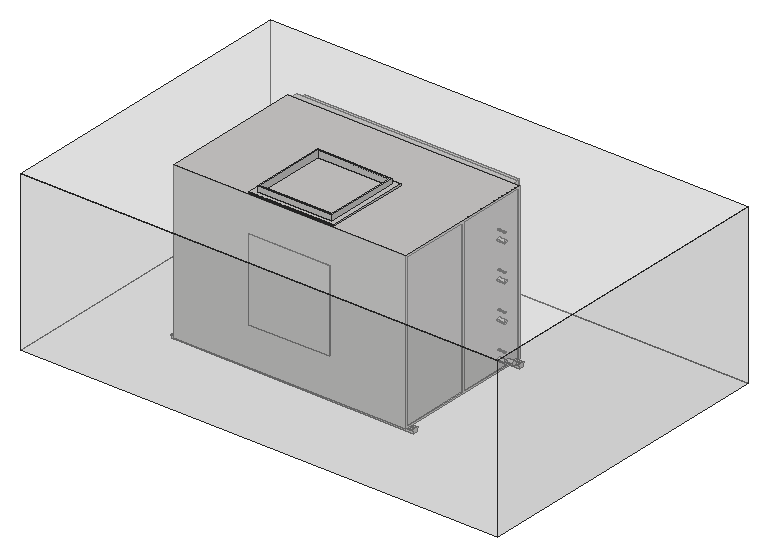
Revit family "outputfile", category 機械設備, Revit 2024
Family settings
  丸型コネクタ寸法 = 半径を使用
  パーツ タイプ = 標準
  OmniClass 番号 = 23.75.10.24.21.27.27
  OmniClass タイトル = Split System Air Conditioning Units
  作業面ベース = いいえ
  常に垂直 = はい
  ロード時にボイドで切り取り = いいえ
  注釈の向きを維持 = いいえ
  共有 = いいえ
  部屋計算ポイント = はい
Parameters (values of type "FBVN400H4BY1C")
  Description = ""
  書き出し IFC クラス(タイプ) = "IfcUnitaryEquipmentType"
  定義済み IFC タイプ(タイプ) = "AIRCONDITIONINGUNIT"
  Cost = 0
  Type Comments = ""
  Keynote = ""
  Type Image = (empty or 0)
  Assembly Code = ""
  switch_frequency = yes
  lw_power = 1050 mm
  lw_frontpanel = 754 mm
  lw_box_front = lw_box + 18 mm  # 115 mm
  lw_box = 97 mm
  lw_RA = 1057 mm
  lh_liquidpipe_4 = 211.5 mm
  lh_liquidpipe_3 = 547.5 mm
  lh_liquidpipe_2 = 883.5 mm
  lh_height_SA = 698 mm
  lh_ld_mountinghole_height = 35 mm
  lh_height_RA = 1326 mm
  lh_hangerfixture = 35 mm
  lh_gaspipe_4 = 131.5 mm
  lh_gaspipe_3 = 467.5 mm
  lh_gaspipe_2 = 803.5 mm
  lh_frontpanel_bottom = if(Width = 1766 mm, 444 mm, if(Width = 2022 mm, 479 mm, 402 mm))  # 402 mm
  lh_frontpanel = if(Width = 1766 mm, 542 mm, if(Width = 2022 mm, 542 mm, 758 mm))  # 758 mm
  lh_circlevoid = 135.5 mm
  lh_box_top = 95 mm
  lh_box = 351 mm
  lh_SA = 1546 mm
  lh_RA = 788 mm
  ld_void = 658 mm
  ld_frontpanel = 10 mm
  ld_depth_SA = 409 mm
  ld_depth_RA = 130 mm
  ld_circlevoid = 294.5 mm
  ld_box_left = 114 mm
  ld_box = 490 mm
  connector_voltage = 0 V
  connector_powerinput = [Power Input (Cooling)]  # 39.330 kW
  connector_phase = 1
  製造元 = "Daikin"
  モデル = "FBVN400H4BY1C"
  w_pipe = 33 mm
  r_Liquid Pipe Size = Liquid Pipe Size / 2  # 6.35 mm
  r_Gas Pipe Size = Gas Pipe Size / 2  # 12.7 mm
  r_Drain Pipe Size = Drain Pipe Size / 2  # 17.0 mm
  lw_powersupply = lw_power  # 1050 mm
  lw_width_RA = 2004 mm
  lw_width_SA = 694 mm
  lh_suctionflange [instance] = 100 mm
  ld_suctionflange [instance] = 190 mm
  ld_powersupply = 200 mm
  angle_vertical_RA [instance] = 90.00°
  angle horizontal_RA [instance] = 180.00°
  Voltage_comment_50Hz = "380 - 415"
  Voltage_50Hz = 400 V
  URL = ""
  Sound Power Level_H speed (dB) = 0
  Phase_50Hz = 3
  Minimum External Static Pressure = 0.00 Pa
  Minimum Circuit Amps_50Hz = 0.0 A
  Maximum Fuse Amps_50Hz = 0.0 A
  Maximum External Static Pressure = 250.00 Pa
  Material_Casing = DAIKIN_GalvanizedSteel_Casing_indoorunit
  lw_liquidpipe = 1137 mm
  lw_gaspipe = 1137 mm
  lw_mountinghole_pitch = 2234 mm
  lw_mountinghole = 2274 mm
  lw_drainpipe = 1137 mm
  lh_powersupply = 1040 mm
  lh_liquidpipe = 1219.5 mm
  lh_gaspipe = 1139.5 mm
  lh_mountinghole = 5 mm
  lh_drainpipe = 73 mm
  lh_antena = Height - 4 mm  # 1482 mm
  ld_liquidpipe = 436 mm
  ld_gaspipe = 436 mm
  ld_mountinghole_pitch = 1240 mm
  ld_drainpipe = 539 mm
  ld_controlbox = 626 mm
  h*** = 0 mm  # constant formula
  d_dischargeflange = 60 mm
  Width = 2174 mm
  Version = "ver.1.0"
  Unit Type = "Duct"
  Unit Mass Weight = 488.00 kg
  Unit Designation [instance] = ""
  Uniclass2015Version = "Products v1.30"
  Uniclass2015Title = "Split coil room air conditioning units"
  Uniclass2015Code = "Pr_70_65_03_86"
  Total Cooling Capacity [instance] = 0.000 kW
  Sound Pressure Level_M speed (dBA) = 0
  Sound Pressure Level_L speed (dBA) = 0
  Sound Pressure Level_H speed (dBA) = 66
  Series = "Package Aircon_Fan Coil Unit"
  Sensible Cooling Capacity [instance] = 0.000 kW
  SA Duct Size Width = 694 mm
  SA Duct Size Height = 698 mm
  Refrigerant Type = "R410A"
  RA Duct Size Width = 2004 mm
  RA Duct Size Height = 1326 mm
  Power Input (Cooling) = 39.330 kW
  Option Accessory 3 [instance] = ""
  Option Accessory 2 [instance] = ""
  Option Accessory 1 [instance] = ""
  Nominal Cooling Capacity = 117.200 kW
  Minimum Airflow = 0.00 m³/h
  Median Airflow = 0.00 m³/h
  Maximum Airflow = 20388.00 m³/h
  Load Classification = HVAC
  Liquid Pipe Size = 12.7 mm
  Link_Nested Family [instance] = ""
  IfcVersion = ""
  IfcExportType = "AIRCONDITIONINGUNIT"
  IfcExportAs = "IfcUnitaryEquipmentType"
  Height = 1486 mm
  Heat Exchanger Type = "Cross Fin Coil"
  Gas Pipe Size = 25.4 mm
  Frequency_50Hz = 50 Hz
  Fan Type = "Sirocco Fan"
  Fan Drive = "-"
  FCU Tag No. [instance] = ""
  Drain Pipe Size = 34.0 mm
  Design Supply Airflow [instance] = 0.00 m³/h
  Design Return Airflow [instance] = 0.00 m³/h
  Design External Static Pressure [instance] = 0.00 Pa
  Depth = 1336 mm
  既定の高さ = 0 mm
  Cooling Entering Wet Bulb Temperature [instance] = 0.00 °C
  Cooling Entering Dry Bulb Temperature [instance] = 0.00 °C
  Cooling Ambient Wet Bulb Temperature [instance] = 0.00 °C
  Cooling Ambient Dry Bulb Temperature [instance] = 0.00 °C
  Clearance visibility [instance] = yes
  Clearance Top = 0 mm
  Clearance Right = 1500 mm
  Clearance Rear = 800 mm
  Clearance Left = 800 mm
  Clearance Front = 800 mm
  Clearance Bottom = 0 mm
Reference planes
  plane 1 "Center (Front/Back)": y = 0
  plane 2: z = 0
  plane 3 "Center (Left/Right)": x = 0
  plane 4 "Back": y = 668
  plane 5 "Front": y = -668
  plane 6 "Left": x = -1087
  plane 7 "Right": x = 1087
  plane 8 "Top": z = 0
  plane 9 "Bottom": z = -1486
  plane 10: z = -266.5
  plane 11: z = -346.5
  plane 12: x = -1117
  plane 13: x = 1117
  plane 14: x = 1137
  plane 15: x = 1137
  plane 16: z = -1481
  plane 17 "Clearance Left": x = -1887
  plane 18 "Clearance Right": x = 2587
  plane 19 "Clearance Rear": y = 1468
  plane 20 "Clearance Front": y = -1468
  plane 21 "Clearance Bottom": z = -1486
  plane 22: z = -1413
  plane 23 "ld_gas": y = 436
  plane 24: y = 436
  plane 25: y = -30
  plane 26: y = 539
  plane 27: y = 478
  plane 28: x = 1137
  plane 29: y = 620
  plane 30: y = -620
  plane 31: y = -259
  plane 32: y = 798
  plane 33 "Clearance Top": z = 0
  plane 34: z = -446
  plane 35: y = -200
  plane 36 "hangerfixture": z = -1451
  plane 37 "lh_SA": z = 60
  plane 38 "lh_RA": z = -698
  plane 39 "RA_center": x = -30
  plane 40: y = -658
  plane 41: y = 0
  plane 42: y = 658
  plane 43: z = -10
  plane 44: z = -1441
  plane 45: y = 10
  plane 46: y = -658
  plane 47: y = 0
  plane 48: y = 658
  plane 49: z = -10
  plane 50: z = -1441
  plane 51: y = 10
  plane 52 "box_bottom": z = -446
  plane 53 "box_top": z = -95
  plane 54: x = -377
  plane 55: x = 377
  plane 56: y = -678
  plane 57: y = -658
  plane 58 "lw_power": x = 1050
  plane 59: z = -602.5
  plane 60: z = -682.5
  plane 61: z = -938.5
  plane 62: z = -1018.5
  plane 63: x = 1067
  plane 64: x = -1067
  plane 65: z = -1084
  plane 66: z = -326
  plane 67: z = -1274.5
  plane 68: z = -1354.5
Forms (mm)
  Extrusion 1, solid, material "DAIKIN_GalvanizedSteel_Casing_indoorunit" <- "Material_Casing"
    sketch origin (0, -0.8, 0) x (1, 0, 0) y (0, 1, 0)
      loop
        line (-1087, -667.2) -> (1087, -667.2) -> (1087, 668.8) -> (-1087, 668.8) -> (-1087, -667.2)
    from -1451 to 0
  Revolve 2, solid, material "DAIKIN_GalvanizedSteel_Casing_indoorunit" <- "Material_Casing"
    sketch origin (0, 0, -346.5) x (0, -1, 0) y (1, 0, 0)
      loop
        line (-423.3, 1067) -> (-423.3, 1137) -> (-436, 1137) -> (-436, 1067) -> (-423.3, 1067)
      axis (-436, 1067) -> (-436, 1137)
    angle from 0 to 360
  Revolve 3, solid, material "DAIKIN_GalvanizedSteel_Casing_indoorunit" <- "Material_Casing"
    sketch origin (0, 0, -266.5) x (0, -1, 0) y (1, 0, 0)
      loop
        line (-436, 1067) -> (-436, 1137) -> (-442.35, 1137) -> (-442.35, 1067) -> (-436, 1067)
      axis (-436, 1137) -> (-436, 1067)
    angle from 0 to 360
  Extrusion 4, solid, material "DAIKIN_GalvanizedSteel_Casing_indoorunit" <- "Material_Casing"
    sketch origin (0, 0, 0) x (0, 1, 0) y (0, 0, 1)
      loop
        circle (539, -1413) r 17
    from 1137 to 1067
  Extrusion 5, void
    sketch origin (1087, 0, 0) x (0, 1, 0) y (0, 0, 1)
      loop
        line (-658, -10) -> (-658, -1441) -> (0, -1441) -> (0, -10) -> (-658, -10)
      loop
        line (658, -10) -> (10, -10) -> (10, -1441) -> (658, -1441) -> (658, -10)
    from 0 to -20
  Extrusion 6, void
    sketch origin (-1087, 0, 0) x (0, 1, 0) y (0, 0, 1)
      loop
        line (-658, -10) -> (-658, -1441) -> (0, -1441) -> (0, -10) -> (-658, -10)
      loop
        line (658, -10) -> (10, -10) -> (10, -1441) -> (658, -1441) -> (658, -10)
    from 0 to 20
  Extrusion 7, solid, material "DAIKIN_GalvanizedSteel_Casing_indoorunit" <- "Material_Casing"
    sketch origin (0, 0, -1486) x (-1, 0, 0) y (0, -1, 0)
      loop
        line (377, 658) -> (377, 678) -> (-377, 678) -> (-377, 658) -> (377, 658)
    from 402 to 1160
  Revolve 8, solid, material "DAIKIN_GalvanizedSteel_Casing_indoorunit" <- "Material_Casing"
    sketch origin (0, 0, -682.5) x (0, -1, 0) y (1, 0, 0)
      loop
        line (-423.3, 1067) -> (-423.3, 1137) -> (-436, 1137) -> (-436, 1067) -> (-423.3, 1067)
      axis (-436, 1067) -> (-436, 1137)
    angle from 0 to 360
  Revolve 9, solid, material "DAIKIN_GalvanizedSteel_Casing_indoorunit" <- "Material_Casing"
    sketch origin (0, 0, -602.5) x (0, -1, 0) y (1, 0, 0)
      loop
        line (-436, 1067) -> (-436, 1137) -> (-442.35, 1137) -> (-442.35, 1067) -> (-436, 1067)
      axis (-436, 1137) -> (-436, 1067)
    angle from 0 to 360
  Revolve 10, solid, material "DAIKIN_GalvanizedSteel_Casing_indoorunit" <- "Material_Casing"
    sketch origin (0, 0, -1018.5) x (0, -1, 0) y (1, 0, 0)
      loop
        line (-423.3, 1067) -> (-423.3, 1137) -> (-436, 1137) -> (-436, 1067) -> (-423.3, 1067)
      axis (-436, 1067) -> (-436, 1137)
    angle from 0 to 360
  Revolve 11, solid, material "DAIKIN_GalvanizedSteel_Casing_indoorunit" <- "Material_Casing"
    sketch origin (0, 0, -938.5) x (0, -1, 0) y (1, 0, 0)
      loop
        line (-436, 1067) -> (-436, 1137) -> (-442.35, 1137) -> (-442.35, 1067) -> (-436, 1067)
      axis (-436, 1137) -> (-436, 1067)
    angle from 0 to 360
  Revolve 12, solid, material "DAIKIN_GalvanizedSteel_Casing_indoorunit" <- "Material_Casing"
    sketch origin (0, 0, -1354.5) x (0, -1, 0) y (1, 0, 0)
      loop
        line (-423.3, 1067) -> (-423.3, 1137) -> (-436, 1137) -> (-436, 1067) -> (-423.3, 1067)
      axis (-436, 1067) -> (-436, 1137)
    angle from 0 to 360
  Revolve 13, solid, material "DAIKIN_GalvanizedSteel_Casing_indoorunit" <- "Material_Casing"
    sketch origin (0, 0, -1274.5) x (0, -1, 0) y (1, 0, 0)
      loop
        line (-436, 1067) -> (-436, 1137) -> (-442.35, 1137) -> (-442.35, 1067) -> (-436, 1067)
      axis (-436, 1137) -> (-436, 1067)
    angle from 0 to 360
Cuts and joins
  Extrusion 5, Extrusion 6 cuts Extrusion 1
  Extrusion 6 cuts Revolve 2
  Extrusion 6 cuts Revolve 3
  Extrusion 6 cuts Extrusion 4
Dimensions and locks
  equal spacing: plane 12, plane 3 "Center (Left/Right)", plane 13
  "lw_mountinghole_pitch": plane 12 to plane 13
  "lh_liquidpipe": plane 10 to plane 9 "Bottom"
  "lh_gaspipe": plane 11 to plane 9 "Bottom"
  equal spacing: plane 6 "Left", plane 3 "Center (Left/Right)", plane 7 "Right"
  "Width": plane 6 "Left" to plane 7 "Right"
  "Clearance Right": plane 7 "Right" to plane 18 "Clearance Right"
  "Clearance Left": plane 17 "Clearance Left" to plane 6 "Left"
  "Clearance Rear": plane 19 "Clearance Rear" to plane 4 "Back"
  "Clearance Front": plane 5 "Front" to plane 20 "Clearance Front"
  "Depth": plane 4 "Back" to plane 5 "Front"
  equal spacing: plane 4 "Back", plane 1 "Center (Front/Back)", plane 5 "Front"
  "ld_suctionflange": plane 4 "Back" to plane 27
  "r_Liquid Pipe Size": nested 5 to Revolve 3 sketch curve
  equal spacing: plane 29, plane 1 "Center (Front/Back)", plane 30
  "ld_mountinghole_pitch": plane 29 to plane 30
  "lw_liquidpipe": plane 3 "Center (Left/Right)" to plane 14
  "lw_gaspipe": plane 3 "Center (Left/Right)" to plane 15
  "lw_drainpipe": plane 3 "Center (Left/Right)" to plane 28
  "lh_drainpipe": plane 22 to plane 9 "Bottom"
  "Clearance Top": plane 33 "Clearance Top" to plane 8 "Top"
  "Clearance Bottom": plane 9 "Bottom" to plane 21 "Clearance Bottom"
  "lh_powersupply": plane 34 to plane 9 "Bottom"
  plane 8 "Top" to level = 0 mm
  "lh_hangerfixture": plane 36 "hangerfixture" to plane 9 "Bottom"
  "lh_SA": plane 37 "lh_SA" to plane 9 "Bottom"
  "ld_depth_RA": plane 32 to plane 4 "Back"
  "lh_RA": plane 38 "lh_RA" to plane 9 "Bottom"
  "lw_RA": plane 6 "Left" to plane 39 "RA_center"
  locked: plane 36 "hangerfixture" to plane 44 at 10
  plane 5 "Front" to plane 40 = 10 mm
  locked: plane 8 "Top" to plane 43 at 10
  plane 42 to plane 4 "Back" = 10 mm
  "ld_void": plane 40 to plane 41
  "ld_void": plane 46 to plane 47
  plane 5 "Front" to plane 46 = 10 mm
  plane 48 to plane 4 "Back" = 10 mm
  locked: plane 8 "Top" to plane 49 at 10
  locked: plane 50 to plane 36 "hangerfixture" at 10
  "lh_box_top": plane 8 "Top" to plane 53 "box_top"
  "lh_box": plane 53 "box_top" to plane 52 "box_bottom"
  equal spacing: plane 54, plane 3 "Center (Left/Right)", plane 55
  "lw_power": plane 3 "Center (Left/Right)" to plane 58 "lw_power"
  "lh_gaspipe_2": plane 60 to plane 9 "Bottom"
  "lh_liquidpipe_2": plane 59 to plane 9 "Bottom"
  "ld_powersupply": plane 35 to plane 1 "Center (Front/Back)"
  "ld_drainpipe": plane 26 to plane 1 "Center (Front/Back)"
  "ld_gaspipe": plane 23 "ld_gas" to plane 1 "Center (Front/Back)"
  "r_Gas Pipe Size": plane 23 "ld_gas" to Revolve 8 sketch curve
  "r_Gas Pipe Size": plane 23 "ld_gas" to Revolve 2 sketch curve
  "r_Liquid Pipe Size": Revolve 9 sketch curve to plane 24
  "ld_liquidpipe": plane 24 to plane 1 "Center (Front/Back)"
  "ld_depth_SA": plane 31 to plane 5 "Front"
  "Height": plane 8 "Top" to plane 9 "Bottom"
  "lh_mountinghole": plane 16 to plane 9 "Bottom"
  "lh_gaspipe_3": plane 62 to plane 9 "Bottom"
  "lh_liquidpipe_3": plane 61 to plane 9 "Bottom"
  locked: plane 63 to plane 7 "Right" at 20
  locked: plane 6 "Left" to plane 64 at 20
  "lh_frontpanel_bottom": plane 65 to plane 9 "Bottom"
  "lh_frontpanel": plane 66 to plane 65
  "r_Gas Pipe Size": plane 24 to Revolve 10 sketch curve
  "r_Liquid Pipe Size": Revolve 11 sketch curve to plane 24
  "lw_frontpanel": plane 54 to plane 55
  locked: plane 57 to plane 5 "Front" at 10
  "ld_frontpanel": plane 5 "Front" to plane 56
  locked: plane 41 to plane 45 at 10
  locked: plane 47 to plane 51 at 10
  "lh_liquidpipe_4": plane 67 to plane 9 "Bottom"
  "lh_gaspipe_4": plane 68 to plane 9 "Bottom"
  "r_Liquid Pipe Size": plane 24 to Revolve 13 sketch curve
  "r_Gas Pipe Size": plane 24 to Revolve 12 sketch curve
  "r_Drain Pipe Size": radius of Extrusion 4 sketch curve
  aligned and locked: level to plane 2
  aligned and locked: plane 8 "Top" to Extrusion 1
  aligned and locked: Revolve 2 sketch curve to Revolve 2 sketch curve
  aligned and locked: plane 14 to nested 5
  aligned and locked: nested 5 to plane 10
  aligned and locked: nested 2 to plane 13
  aligned and locked: nested 3 to plane 12
  aligned and locked: plane 12 to nested 4
  aligned and locked: nested 6 to plane 11
  aligned and locked: plane 23 "ld_gas" to nested 6
  aligned and locked: plane 24 to nested 5
  aligned and locked: Extrusion 4 sketch curve to plane 26
  aligned and locked: nested 10 to plane 19 "Clearance Rear"
  aligned and locked: nested 10 to plane 18 "Clearance Right"
  aligned and locked: nested 10 to plane 17 "Clearance Left"
  aligned and locked: nested 10 to plane 20 "Clearance Front"
  aligned and locked: plane 28 to Extrusion 4
  aligned and locked: plane 15 to nested 6  (x2)
  aligned and locked: plane 13 to nested 1
  aligned and locked: plane 26 to nested 7
  aligned and locked: nested 7 to plane 22
  aligned and locked: nested 7 to plane 28
  aligned and locked: plane 29 to nested 1
  aligned and locked: plane 30 to nested 2
  aligned and locked: nested 4 to plane 29
  aligned and locked: nested 3 to plane 30
  aligned and locked: nested 9 to plane 4 "Back"
  aligned and locked: plane 32 to nested 13
  aligned and locked: plane 3 "Center (Left/Right)" to nested 12
  aligned and locked: nested 10 to plane 33 "Clearance Top"
  aligned and locked: nested 10 to plane 21 "Clearance Bottom"
  aligned and locked: nested 11 to plane 9 "Bottom"
  aligned and locked: plane 36 "hangerfixture" to Extrusion 1
  aligned and locked: Extrusion 1 to plane 5 "Front"
  aligned and locked: Extrusion 1 to plane 4 "Back"
  aligned and locked: plane 38 "lh_RA" to nested 9
  aligned and locked: nested 13 to plane 38 "lh_RA"
  aligned and locked: plane 39 "RA_center" to nested 9
  aligned and locked: nested 13 to plane 39 "RA_center"
  aligned and locked: Extrusion 5 sketch curve to plane 43
  aligned and locked: Extrusion 5 sketch curve to plane 40
  aligned and locked: plane 44 to Extrusion 5 sketch curve
  aligned and locked: Extrusion 5 sketch curve to plane 41
  aligned and locked: plane 43 to Extrusion 5 sketch curve
  aligned and locked: Extrusion 5 sketch curve to plane 42
  aligned and locked: Extrusion 5 sketch curve to plane 44
  aligned and locked: Extrusion 5 sketch curve to plane 45
  aligned and locked: Extrusion 6 sketch curve to plane 49
  aligned and locked: Extrusion 6 sketch curve to plane 46
  aligned and locked: plane 50 to Extrusion 6 sketch curve
  aligned and locked: Extrusion 6 sketch curve to plane 47
  aligned and locked: plane 49 to Extrusion 6 sketch curve
  aligned and locked: Extrusion 6 sketch curve to plane 48
  aligned and locked: Extrusion 6 sketch curve to plane 50
  aligned and locked: Extrusion 6 sketch curve to plane 51
  aligned and locked: Extrusion 7 sketch curve to plane 57
  aligned and locked: Extrusion 7 sketch curve to plane 54
  aligned and locked: plane 56 to Extrusion 7 sketch curve
  aligned and locked: plane 55 to Extrusion 7 sketch curve
  aligned and locked: Revolve 8 sketch curve to Revolve 8 sketch curve
  aligned and locked: nested 15 to plane 59
  aligned and locked: nested 16 to plane 60
  aligned and locked: plane 14 to Revolve 9
  aligned and locked: nested 15 to plane 14
  aligned and locked: plane 15 to cut or joined group of Revolve 2, Extrusion 6  (x3)
  aligned and locked: cut or joined group of Revolve 2, Extrusion 6 to plane 15
  aligned and locked: nested 14 to plane 35
  aligned and locked: Revolve 2 sketch curve to plane 23 "ld_gas"
  aligned and locked: plane 23 "ld_gas" to nested 16
  aligned and locked: plane 24 to nested 15
  aligned and locked: plane 37 "lh_SA" to nested 12
  aligned and locked: plane 37 "lh_SA" to nested 8
  aligned and locked: plane 31 to nested 12
  aligned and locked: plane 31 to nested 8
  aligned and locked: cut or joined group of Extrusion 1, Extrusion 5, Extrusion 6 to cut or joined group of Extrusion 4, Extrusion 6
  aligned and locked: cut or joined group of Extrusion 1, Extrusion 5, Extrusion 6 to Revolve 9
  aligned and locked: Revolve 8 to cut or joined group of Extrusion 1, Extrusion 5, Extrusion 6
  aligned and locked: cut or joined group of Extrusion 1, Extrusion 5, Extrusion 6 to cut or joined group of Revolve 3, Extrusion 6
  aligned and locked: cut or joined group of Revolve 2, Extrusion 6 to cut or joined group of Extrusion 1, Extrusion 5, Extrusion 6
  aligned and locked: nested 14 to plane 58 "lw_power"
  aligned and locked: nested 14 to plane 34
  aligned and locked: Revolve 10 sketch curve to Revolve 10 sketch curve
  aligned and locked: nested 17 to plane 61
  aligned and locked: nested 18 to plane 62
  aligned and locked: cut or joined group of Extrusion 1, Extrusion 5, Extrusion 6 to plane 64
  aligned and locked: Extrusion 5 to plane 63
  aligned and locked: plane 24 to nested 17
  aligned and locked: plane 23 "ld_gas" to nested 18
  aligned and locked: Extrusion 7 to plane 65
  aligned and locked: plane 66 to Extrusion 7
  aligned and locked: Revolve 12 sketch curve to Revolve 12 sketch curve
  aligned and locked: nested 19 to plane 67
  aligned and locked: nested 20 to plane 68
Automatic sketch dimensions
  Extrusion 1 sketch curve to plane 4 "Back" = 0 mm
  Extrusion 1 sketch curve to plane 6 "Left" = 0 mm
  Extrusion 1 sketch curve to plane 5 "Front" = 0 mm
  Extrusion 1 sketch curve to plane 7 "Right" = 0 mm
  Revolve 3 sketch curve to plane 23 "ld_gas" = 0 mm  (x2)
  Revolve 3 sketch curve to plane 14 = 0 mm  (x2)
  Revolve 3 sketch curve to plane 63 = 0 mm
  plane 7 "Right" to Revolve 3 sketch curve = 15 mm
  plane 22 to Extrusion 4 sketch curve = 0 mm
  Revolve 9 sketch curve to plane 23 "ld_gas" = 0 mm  (x2)
  Revolve 9 sketch curve to plane 14 = 0 mm  (x2)
  Revolve 9 sketch curve to plane 63 = 0 mm
  plane 7 "Right" to Revolve 9 sketch curve = 15 mm
  Revolve 11 sketch curve to plane 23 "ld_gas" = 0 mm  (x2)
  Revolve 11 sketch curve to plane 14 = 0 mm  (x2)
  Revolve 11 sketch curve to plane 63 = 0 mm
  plane 7 "Right" to Revolve 11 sketch curve = 15 mm
  Revolve 13 sketch curve to plane 63 = 0 mm
  Revolve 13 sketch curve to plane 14 = 0 mm  (x2)
  Revolve 13 sketch curve to plane 23 "ld_gas" = 0 mm  (x2)
  plane 7 "Right" to Revolve 13 sketch curve = 15 mm
  Revolve 2 sketch curve to plane 63 = 0 mm
  Revolve 2 sketch curve to plane 14 = 0 mm
  plane 7 "Right" to Revolve 2 sketch curve = 2.003 mm
  plane 14 to Revolve 2 sketch curve = 1.003 mm
  Revolve 8 sketch curve to plane 23 "ld_gas" = 0 mm
  Revolve 8 sketch curve to plane 63 = 0 mm
  Revolve 8 sketch curve to plane 14 = 0 mm
  plane 7 "Right" to Revolve 8 sketch curve = 2.003 mm
  plane 14 to Revolve 8 sketch curve = 1.003 mm
  Revolve 10 sketch curve to plane 23 "ld_gas" = 0 mm
  Revolve 10 sketch curve to plane 63 = 0 mm
  Revolve 10 sketch curve to plane 14 = 0 mm
  plane 7 "Right" to Revolve 10 sketch curve = 2.003 mm
  plane 14 to Revolve 10 sketch curve = 1.003 mm
  Revolve 12 sketch curve to plane 23 "ld_gas" = 0 mm
  Revolve 12 sketch curve to plane 63 = 0 mm
  Revolve 12 sketch curve to plane 14 = 0 mm
  plane 7 "Right" to Revolve 12 sketch curve = 2.003 mm
  plane 14 to Revolve 12 sketch curve = 1.003 mm
Nested families
  nested 1: "daikin_mountinghole" at (1117, 620, -1486), Link_Nested Family <- "Link_Nested Family", h_mountinghole <- "lh_mountinghole", l_antenna <- "lh_antena", type "daikin_mountinghole"
    with show yes, l_antenna 1482 mm, h_mountinghole 5 mm, Link_Nested Family "", d_circle 23 mm
  nested 2: "daikin_mountinghole" at (1117, -620, -1486), Link_Nested Family <- "Link_Nested Family", h_mountinghole <- "lh_mountinghole", l_antenna <- "lh_antena", type "daikin_mountinghole"
    with show yes, l_antenna 1482 mm, h_mountinghole 5 mm, Link_Nested Family "", d_circle 23 mm
  nested 3: "daikin_mountinghole" at (-1117, -620, -1486), Link_Nested Family <- "Link_Nested Family", h_mountinghole <- "lh_mountinghole", l_antenna <- "lh_antena", type "daikin_mountinghole"
    with show yes, l_antenna 1482 mm, h_mountinghole 5 mm, Link_Nested Family "", d_circle 23 mm
  nested 4: "daikin_mountinghole" at (-1117, 620, -1486), Link_Nested Family <- "Link_Nested Family", h_mountinghole <- "lh_mountinghole", l_antenna <- "lh_antena", type "daikin_mountinghole"
    with show yes, l_antenna 1482 mm, h_mountinghole 5 mm, Link_Nested Family "", d_circle 23 mm
  nested 5: "daikin_connector_rotate2" at (0, 436, -266.5) x (0, 1, 0) z (0, 0, 1), length <- "lw_liquidpipe", built-in parameter 1001364 <- "lh_liquidpipe", radius <- "r_Liquid Pipe Size", type "daikin_connector_rotate2"
    with radius 6.35 mm, length 1137 mm, angle_vertical 90.00°
  nested 6: "daikin_connector_rotate2" at (0, 436, -346.5) x (0, 1, 0) z (0, 0, 1), length <- "lw_gaspipe", built-in parameter 1001364 <- "lh_gaspipe", radius <- "r_Gas Pipe Size", type "daikin_connector_rotate2"
    with radius 12.7 mm, length 1137 mm, angle_vertical 90.00°
  nested 7: "daikin_connector_rotate2" at (0, 539, -1413) x (0, 1, 0) z (0, 0, 1), built-in parameter 1001364 <- "lh_drainpipe", length <- "lw_drainpipe", radius <- "r_Drain Pipe Size", type "daikin_connector_rotate2"
    with radius 17 mm, length 1137 mm, angle_vertical 90.00°
  nested 8: "daikin_connector_rotate2" at (0, -259, 0) x (1, 0, 0) z (0, 1, 0), length <- "d_dischargeflange", type "daikin_connector_rotate2"
    with radius 10 mm, length 60 mm, angle_vertical 90.00°
  nested 9: "daikin_ductflange_FBVN-H4BY1C" at (-30, 668, -698), material <- "Material_Casing", width <- "lw_width_RA", height <- "lh_height_RA", depth <- "ld_depth_RA", type "daikin_ductflange_FBVN-H4BY1C"
    with x 35 mm, width 2004 mm, material DAIKIN_GalvanizedSteel_Casing_indoorunit, height 1326 mm, depth 130 mm
  nested 10: "daikin_clearancespace" at (350, 0, -742.881), visible <- "Clearance visibility", show <- "Clearance visibility", Link_Nested Family <- "Link_Nested Family", type "daikin_clearancespace"
    with width 4474 mm, show yes, height 1486 mm, depth 2936 mm, Link_Nested Family ""
  nested 11: "daikin_hangerfixture_FBVN-H4BY1C" at (0, 0, -1486), type "daikin_hangerfixture_FBVN-H4BY1C"
    with width 2234 mm, depth 1240 mm, G 2274 mm
  nested 12: "daikin_ductflange_FBVN-H4BY1C_1" at (0, -448.401, 0) x (1, 0, 0) z (0, 1, 0), width <- "lw_width_SA", material <- "Material_Casing", height <- "lh_height_SA", depth <- "d_dischargeflange", type "daikin_ductflange_FBVN-H4BY1C_1"
    with width 694 mm, t 10 mm, material DAIKIN_GalvanizedSteel_Casing_indoorunit, height 698 mm, depth 60 mm
  nested 13: "daikin_connector_rotate2" at (-30, 668, -698) x (-1, 0, 0) z (0, 0, 1), length <- "ld_depth_RA", type "daikin_connector_rotate2"
    with radius 10 mm, length 130 mm, angle_vertical 90.00°
  nested 14: "daikin_connector_rotate2" at (1050, -200, -95) x (0, 1, 0) z (1, 0, 0), length <- "lh_box", type "daikin_connector_rotate2"
    with radius 10 mm, length 351 mm, angle_vertical 90.00°
  nested 15: "daikin_connector_rotate2" at (0, 436, -602.5) x (0, 1, 0) z (0, 0, 1), length <- "lw_liquidpipe", built-in parameter 1001364 <- "lh_liquidpipe", radius <- "r_Liquid Pipe Size", type "daikin_connector_rotate2"
    with radius 6.35 mm, length 1137 mm, angle_vertical 90.00°
  nested 16: "daikin_connector_rotate2" at (0, 436, -682.5) x (0, 1, 0) z (0, 0, 1), length <- "lw_gaspipe", built-in parameter 1001364 <- "lh_gaspipe", radius <- "r_Gas Pipe Size", type "daikin_connector_rotate2"
    with radius 12.7 mm, length 1137 mm, angle_vertical 90.00°
  nested 17: "daikin_connector_rotate2" at (0, 436, -938.5) x (0, 1, 0) z (0, 0, 1), length <- "lw_liquidpipe", built-in parameter 1001364 <- "lh_liquidpipe", radius <- "r_Liquid Pipe Size", type "daikin_connector_rotate2"
    with radius 6.35 mm, length 1137 mm, angle_vertical 90.00°
  nested 18: "daikin_connector_rotate2" at (0, 436, -1018.5) x (0, 1, 0) z (0, 0, 1), length <- "lw_gaspipe", built-in parameter 1001364 <- "lh_gaspipe", radius <- "r_Gas Pipe Size", type "daikin_connector_rotate2"
    with radius 12.7 mm, length 1137 mm, angle_vertical 90.00°
  nested 19: "daikin_connector_rotate2" at (0, 470, -1274.5) x (0, 1, 0) z (0, 0, 1), length <- "lw_liquidpipe", built-in parameter 1001364 <- "lh_liquidpipe", radius <- "r_Liquid Pipe Size", type "daikin_connector_rotate2"
    with radius 6.35 mm, length 1137 mm, angle_vertical 90.00°
  nested 20: "daikin_connector_rotate2" at (0, 470, -1354.5) x (0, 1, 0) z (0, 0, 1), length <- "lw_gaspipe", built-in parameter 1001364 <- "lh_gaspipe", radius <- "r_Gas Pipe Size", type "daikin_connector_rotate2"
    with radius 12.7 mm, length 1137 mm, angle_vertical 90.00°
Connectors
  piping at (1137, 436, -346.5), diameter 25.4, driven by "r_Gas Pipe Size"
    settings: on nested 6, index 1, connector inside diameter 609.6 mm, connector length 0 mm, flow factor 0, pipe flow 0.00 m³/h, pressure drop 0.0 Pa, fitting loss kfactor 0, connector angle 0.00°, fixture units 0, engagement length 0 mm, angle of deflection 0.00°, flow configuration 1, flow direction 2, fitting loss method 0, system type 29, joint type 0, gender type 0, connector reference index -1, connector utility 0, adjustable connector no, is connector primary yes, connector description "Refrigerant Gas Piping"
  piping at (1137, 436, -266.5), diameter 12.7, driven by "r_Liquid Pipe Size"
    settings: on nested 5, index 2, connector inside diameter 609.6 mm, connector length 0 mm, flow factor 0, pipe flow 0.00 m³/h, pressure drop 0.0 Pa, fitting loss kfactor 0, connector angle 0.00°, fixture units 0, engagement length 0 mm, angle of deflection 0.00°, flow configuration 1, flow direction 1, fitting loss method 0, system type 29, joint type 0, gender type 0, connector reference index -1, connector utility 0, adjustable connector no, is connector primary no, connector description "Refrigerant Liquid Piping"
  piping at (1137, 539, -1413), diameter 34, driven by "r_Drain Pipe Size"
    settings: on nested 7, index 3, connector inside diameter 609.6 mm, connector length 0 mm, flow factor 0, pipe flow 0.00 m³/h, pressure drop 0.0 Pa, fitting loss kfactor 0, connector angle 0.00°, fixture units 0, engagement length 0 mm, angle of deflection 0.00°, flow configuration 1, flow direction 2, fitting loss method 4, system type 16, joint type 0, gender type 0, connector reference index -1, connector utility 0, adjustable connector no, is connector primary no, connector description "Condensate Drain Piping"
  hvac at (0, -259, 60), driven by "SA Duct Size Height", driven by "SA Duct Size Width"
    settings: on nested 8, index 7, duct flow 0.00 m³/h, flow factor 0, pres drop 0.00 Pa, loss coef 0, conn angle 0.00°, conn width 694.0 mm, conn height 698.0 mm, conn diameter 609.6 mm, duct sys type 1, conn prof type 1, flow config 0, flow direction 2, loss method 4, conn ref index -1, conn util no, is conn primary yes, conn desc "SA Duct"
  hvac at (-30, 798, -698), driven by "RA Duct Size Width", driven by "RA Duct Size Height"
    settings: on nested 13, index 8, duct flow 0.00 m³/h, flow factor 0, pres drop 0.00 Pa, loss coef 0, conn angle 0.00°, conn width 2004.0 mm, conn height 1326.0 mm, conn diameter 609.6 mm, duct sys type 2, conn prof type 1, flow config 0, flow direction 1, loss method 4, conn ref index -1, conn util no, is conn primary no, conn desc "RA Duct"
  electrical at (1050, -200, -446), driven by "Load Classification", driven by "connector_phase", driven by "connector_powerinput", driven by "connector_voltage"
    settings: on nested 14, index 9, voltage 0 V, apparent load 39330 VA, apparent load phase1 0 VA, apparent load phase2 0 VA, apparent load phase3 0 VA, power factor 1, load classification "HVAC", number of poles 1, system type 30, power factor state 1, is connector primary yes, connector utility no, sub classification motor no, connector description "Power Supply"
  piping at (1137, 436, -682.5), diameter 25.4, driven by "r_Gas Pipe Size"
    settings: on nested 16, index 10, connector inside diameter 609.6 mm, connector length 0 mm, flow factor 0, pipe flow 0.00 m³/h, pressure drop 0.0 Pa, fitting loss kfactor 0, connector angle 0.00°, fixture units 0, engagement length 0 mm, angle of deflection 0.00°, flow configuration 1, flow direction 2, fitting loss method 0, system type 29, joint type 0, gender type 0, connector reference index -1, connector utility 0, adjustable connector no, is connector primary no, connector description "Refrigerant Gas Piping"
  piping at (1137, 436, -602.5), diameter 12.7, driven by "r_Liquid Pipe Size"
    settings: on nested 15, index 11, connector inside diameter 609.6 mm, connector length 0 mm, flow factor 0, pipe flow 0.00 m³/h, pressure drop 0.0 Pa, fitting loss kfactor 0, connector angle 0.00°, fixture units 0, engagement length 0 mm, angle of deflection 0.00°, flow configuration 1, flow direction 1, fitting loss method 0, system type 29, joint type 0, gender type 0, connector reference index -1, connector utility 0, adjustable connector no, is connector primary no, connector description "Refrigerant Liquid Piping"
  piping at (1137, 436, -1018.5), diameter 25.4, driven by "r_Gas Pipe Size"
    settings: on nested 18, index 12, connector inside diameter 609.6 mm, connector length 0 mm, flow factor 0, pipe flow 0.00 m³/h, pressure drop 0.0 Pa, fitting loss kfactor 0, connector angle 0.00°, fixture units 0, engagement length 0 mm, angle of deflection 0.00°, flow configuration 1, flow direction 2, fitting loss method 0, system type 29, joint type 0, gender type 0, connector reference index -1, connector utility 0, adjustable connector no, is connector primary no, connector description "Refrigerant Gas Piping"
  piping at (1137, 436, -938.5), diameter 12.7, driven by "r_Liquid Pipe Size"
    settings: on nested 17, index 13, connector inside diameter 609.6 mm, connector length 0 mm, flow factor 0, pipe flow 0.00 m³/h, pressure drop 0.0 Pa, fitting loss kfactor 0, connector angle 0.00°, fixture units 0, engagement length 0 mm, angle of deflection 0.00°, flow configuration 1, flow direction 1, fitting loss method 0, system type 29, joint type 0, gender type 0, connector reference index -1, connector utility 0, adjustable connector no, is connector primary no, connector description "Refrigerant Liquid Piping"
  piping at (1137, 470, -1354.5), diameter 25.4, driven by "r_Gas Pipe Size"
    settings: on nested 20, index 14, connector inside diameter 609.6 mm, connector length 0 mm, flow factor 0, pipe flow 0.00 m³/h, pressure drop 0.0 Pa, fitting loss kfactor 0, connector angle 0.00°, fixture units 0, engagement length 0 mm, angle of deflection 0.00°, flow configuration 1, flow direction 2, fitting loss method 0, system type 29, joint type 0, gender type 0, connector reference index -1, connector utility 0, adjustable connector no, is connector primary no, connector description "Refrigerant Gas Piping"
  piping at (1137, 470, -1274.5), diameter 12.7, driven by "r_Liquid Pipe Size"
    settings: on nested 19, index 15, connector inside diameter 609.6 mm, connector length 0 mm, flow factor 0, pipe flow 0.00 m³/h, pressure drop 0.0 Pa, fitting loss kfactor 0, connector angle 0.00°, fixture units 0, engagement length 0 mm, angle of deflection 0.00°, flow configuration 1, flow direction 1, fitting loss method 0, system type 29, joint type 0, gender type 0, connector reference index -1, connector utility 0, adjustable connector no, is connector primary no, connector description "Refrigerant Liquid Piping"
Definition of nested family "daikin_ductflange_FBVN-H4BY1C"
  Parameters (values of type "daikin_ductflange_2FGN-HTL")
    x [instance] = if(width = 1636 mm, 15 mm, 35 mm)  # 15 mm
    width [instance] = 1636 mm
    material [instance] = none
    height [instance] = 747 mm
    depth [instance] = 130 mm
    Default Elevation = 0 mm
  Reference planes
    plane 1 "Center (Front/Back)": y = 0
    plane 2: z = 0
    plane 3 "Center (Left/Right)": x = 0
    plane 4: x = -818
    plane 5: x = 818
    plane 6: z = 373.5
    plane 7: z = -373.5
    plane 8: y = 80
    plane 9: y = 130
    plane 10: x = -813
    plane 11: x = 813
    plane 12: z = -368.5
    plane 13: z = 368.5
    plane 14: x = -833
    plane 15: x = 833
    plane 16: z = 393.5
    plane 17: z = -380
  Forms (mm)
    Extrusion 1, solid, material <- "material"
      sketch origin (0, 0, 0) x (1, 0, 0) y (0, 0, 1)
        loop
          line (-833, 393.5) -> (-833, -380) -> (833, -380) -> (833, 393.5) -> (-833, 393.5)
        loop
          line (-813, 368.5) -> (-813, -368.5) -> (813, -368.5) -> (813, 368.5) -> (-813, 368.5)
      from 0 to -80
    Extrusion 2, solid, material <- "material"
      sketch origin (0, 0, 0) x (1, 0, 0) y (0, 0, 1)
        loop
          line (-818, 373.5) -> (-818, -373.5) -> (818, -373.5) -> (818, 373.5) -> (-818, 373.5)
        loop
          line (813, 368.5) -> (-813, 368.5) -> (-813, -368.5) -> (813, -368.5) -> (813, 368.5)
      from -130 to -80
  Cuts and joins
    joined: Extrusion 1, Extrusion 2
  Dimensions and locks
    equal spacing: plane 5, plane 3 "Center (Left/Right)", plane 4
    "width": plane 5 to plane 4
    equal spacing: plane 6, level, plane 7
    "height": plane 6 to plane 7
    locked: plane 1 "Center (Front/Back)" to plane 8 at 80
    "depth": plane 1 "Center (Front/Back)" to plane 9
    plane 6 to plane 13 = 5 mm
    plane 12 to plane 7 = 5 mm
    plane 5 to plane 11 = 5 mm
    plane 10 to plane 4 = 5 mm
    "x": plane 4 to plane 14
    "x": plane 15 to plane 5
    locked: plane 16 to plane 6 at 20
    locked: plane 7 to plane 17 at 6.5
    aligned and locked: level to plane 2
    aligned and locked: Extrusion 1 to plane 8
    aligned and locked: plane 1 "Center (Front/Back)" to Extrusion 1
    aligned and locked: Extrusion 2 to plane 9
    aligned and locked: Extrusion 2 to Extrusion 1
    aligned and locked: plane 13 to Extrusion 2 sketch curve
    aligned and locked: plane 11 to Extrusion 2 sketch curve
    aligned and locked: Extrusion 2 sketch curve to plane 12
    aligned and locked: Extrusion 2 sketch curve to plane 10
    aligned and locked: Extrusion 1 sketch curve to plane 16
    aligned and locked: plane 14 to Extrusion 1 sketch curve
    aligned and locked: plane 17 to Extrusion 1 sketch curve
    aligned and locked: Extrusion 1 sketch curve to plane 15
  Automatic sketch dimensions
    Extrusion 2 sketch curve to plane 4 = 0 mm
    Extrusion 2 sketch curve to plane 5 = 0 mm
    Extrusion 2 sketch curve to plane 7 = 0 mm
    Extrusion 2 sketch curve to plane 6 = 0 mm
    plane 4 to Extrusion 1 sketch curve = 5 mm
    Extrusion 1 sketch curve to plane 5 = 5 mm
    plane 7 to Extrusion 1 sketch curve = 5 mm
    Extrusion 1 sketch curve to plane 6 = 5 mm
Definition of nested family "daikin_clearancespace"
  Parameters (values of type "daikin_clearancespace")
    Description = "daikin_clearancespace"
    width [instance] = 1823.963 mm
    show [instance] = yes
    material = none
    height [instance] = 1359.762 mm
    depth [instance] = 880 mm
    Default Elevation = 0 mm
    Link_Nested Family [instance] = ""
  Reference planes
    plane 1 "Center (Front/Back)": y = 0
    plane 2 "Center (Elevation)": z = -0.119
    plane 3 "Center (Left/Right)": x = 0
    plane 4: y = 440
    plane 5: y = -440
    plane 6 "Right": x = 911.982
    plane 7 "Left": x = -911.982
    plane 8 "Top": z = 679.762
    plane 9 "Bottom": z = -680
  Forms (mm)
    Extrusion 1, solid, material <- "material", visible <- "show"
      sketch origin (0, 0, 0) x (1, 0, 0) y (0, 1, 0)
        loop
          line (-911.982, 440) -> (-911.982, -440) -> (911.982, -440) -> (911.982, 440) -> (-911.982, 440)
      from -680 to 679.762
  Lines and regions (mm)
    symbolic lines, visible <- "show"
      curve 1: line (911.982, 440, 0) -> (-911.982, 440, 0)
      curve 2: line (-911.982, 440, 0) -> (-911.982, -440, 0)
      curve 3: line (-911.982, -440, 0) -> (911.982, -440, 0)
      curve 4: line (911.982, -440, 0) -> (911.982, 440, 0)
      curve 5: line (911.982, 0, 679.762) -> (-911.982, 0, 679.762)
      curve 6: line (911.982, 0, -680) -> (911.982, 0, 679.762)
      curve 7: line (-911.982, 0, -680) -> (911.982, 0, -680)
      curve 8: line (-911.982, 0, 679.762) -> (-911.982, 0, -680)
      curve 9: line (0, 440, 679.762) -> (0, -440, 679.762)
      curve 10: line (0, -440, 679.762) -> (0, -440, -680)
      curve 11: line (0, 440, -680) -> (0, 440, 679.762)
      curve 12: line (0, -440, -680) -> (0, 440, -680)
  Dimensions and locks
    "width": plane 7 "Left" to plane 6 "Right"
    "depth": plane 4 to plane 5
    "height": plane 8 "Top" to plane 9 "Bottom"
    equal spacing: plane 7 "Left", plane 3 "Center (Left/Right)", plane 6 "Right"
    equal spacing: plane 4, plane 1 "Center (Front/Back)", plane 5
    equal spacing: plane 8 "Top", plane 2 "Center (Elevation)", plane 9 "Bottom"
    aligned and locked: level to plane 2 "Center (Elevation)"
    aligned and locked: Extrusion 1 sketch curve to plane 4
    aligned and locked: plane 7 "Left" to Extrusion 1 sketch curve
    aligned and locked: Extrusion 1 sketch curve to plane 5
    aligned and locked: Extrusion 1 sketch curve to plane 6 "Right"
    aligned and locked: plane 8 "Top" to Extrusion 1
    aligned and locked: curve 1 to Extrusion 1
    aligned and locked: curve 2 to Extrusion 1
    aligned and locked: curve 3 to Extrusion 1
    aligned and locked: curve 4 to Extrusion 1
    aligned and locked: curve 5 to Extrusion 1
    aligned and locked: curve 6 to Extrusion 1
    aligned and locked: curve 7 to Extrusion 1
    aligned and locked: curve 8 to Extrusion 1
    aligned and locked: curve 9 to Extrusion 1
    aligned and locked: curve 10 to Extrusion 1
    aligned and locked: curve 11 to Extrusion 1
    aligned and locked: curve 12 to Extrusion 1
    aligned and locked: Extrusion 1 to plane 9 "Bottom"
Definition of nested family "daikin_hangerfixture_FBVN-H4BY1C"
  Parameters (values of type "daikin_hangerfixture_2FGN-HTL")
    width = 1826 mm
    material = none
    height = 35 mm
    e = 40 mm
    depth = 974 mm
    Default Elevation = 0 mm
    G = 1866 mm
    E = 50 mm
  Reference planes
    plane 1 "Center (Front/Back)": y = 0
    plane 2: z = 0
    plane 3 "Center (Left/Right)": x = 0
    plane 4: x = 913
    plane 5: x = -913
    plane 6: z = 35
    plane 7: y = 487
    plane 8: y = -487
    plane 9: x = -933
    plane 10: x = 933
    plane 11: y = 527
    plane 12: y = -527
  Forms (mm)
    Extrusion 1, solid
      sketch origin (0, 0, 0) x (0, 1, 0) y (0, 0, 1)
        loop
          line (-499.93, 0) -> (-474.07, 0) -> (-474.07, 30) -> (-463.449, 30) -> (-463.449, 35) -> (-479.07, 35) -> (-479.07, 5) -> (-494.93, 5) -> (-494.93, 35) -> (-512.86, 35) -> (-512.86, 30) -> (-499.93, 30) -> (-499.93, 0)
        loop
          line (499.93, 0) -> (499.93, 30) -> (512.86, 30) -> (512.86, 35) -> (494.93, 35) -> (494.93, 5) -> (479.07, 5) -> (479.07, 35) -> (463.449, 35) -> (463.449, 30) -> (474.07, 30) -> (474.07, 0) -> (499.93, 0)
      from -933 to 933
    Extrusion 2, void
      sketch origin (0, 0, 0) x (1, 0, 0) y (0, 1, 0)
        loop
          circle (-913, 487) r 7.5
        loop
          circle (-913, -487) r 7.5
        loop
          circle (913, -487) r 7.5
        loop
          circle (913, 487) r 7.5
      from 0 to 9
  Cuts and joins
    Extrusion 2 cuts Extrusion 1
  Dimensions and locks
    "width": plane 5 to plane 4
    equal spacing: plane 5, plane 3 "Center (Left/Right)", plane 4
    "depth": plane 8 to plane 7
    equal spacing: plane 8, plane 1 "Center (Front/Back)", plane 7
    "height": plane 6 to level
    "e": plane 7 to plane 11
    "e": plane 12 to plane 8
    equal spacing: plane 9, plane 3 "Center (Left/Right)", plane 10
    "G": plane 9 to plane 10
    Extrusion 1 sketch curve to Extrusion 1 sketch curve to Extrusion 1 sketch curve to plane 8 to Extrusion 1 sketch curve to Extrusion 1 sketch curve to Extrusion 1 sketch curve = 12.93 mm locked, 5 mm locked, 7.93 mm locked, 7.93 mm locked, 5 mm locked, 10.621 mm locked
    Extrusion 1 sketch curve to Extrusion 1 sketch curve to Extrusion 1 sketch curve to plane 7 to Extrusion 1 sketch curve to Extrusion 1 sketch curve to Extrusion 1 sketch curve = 10.621 mm locked, 5 mm locked, 7.93 mm locked, 7.93 mm locked, 5 mm locked, 12.93 mm locked
    aligned and locked: level to plane 2
    aligned and locked: Extrusion 1 to plane 9
    aligned and locked: plane 10 to Extrusion 1
    aligned and locked: plane 7 to Extrusion 2 sketch curve  (x2)
    aligned and locked: plane 5 to Extrusion 2 sketch curve  (x2)
    aligned and locked: plane 8 to Extrusion 2 sketch curve  (x2)
    aligned and locked: plane 4 to Extrusion 2 sketch curve  (x2)
  Automatic sketch dimensions
    Extrusion 1 sketch curve to plane 6 = 0 mm  (x4)
    Extrusion 1 sketch curve to level = 0 mm  (x2)
    Extrusion 1 sketch curve to plane 6 = 5 mm  (x3)
    level to Extrusion 1 sketch curve = 5 mm  (x2)
    Extrusion 1 sketch curve to Extrusion 1 sketch curve = 5 mm
    radius of Extrusion 2 sketch curve = 7.5 mm  (x4)
Definition of nested family "daikin_ductflange_FBVN-H4BY1C_1"
  Parameters (values of type "daikin_ductflange_2FDN200HTL_1")
    width [instance] = 474 mm
    t [instance] = 10 mm
    material [instance] = none
    height [instance] = 408 mm
    depth [instance] = 60 mm
    Default Elevation = 0 mm
  Reference planes
    plane 1 "Center (Front/Back)": y = 0
    plane 2: z = 189.401
    plane 3 "Center (Left/Right)": x = 0
    plane 4: y = 0
    plane 5: y = -60
    plane 6: y = -10
    plane 7: z = 393.401
    plane 8: z = -14.599
    plane 9: x = -227
    plane 10: x = 227
    plane 11: x = -237
    plane 12: x = 237
    plane 13: z = 383.401
    plane 14: z = -4.599
    plane 15: x = -287
    plane 16: z = 433.401
    plane 17: z = -54.599
    plane 18: x = 287
  Forms (mm)
    Extrusion 1, solid, material <- "material"
      sketch origin (0, 0, 0) x (1, 0, 0) y (0, 0, 1)
        loop
          line (-237, 393.401) -> (-237, -14.599) -> (237, -14.599) -> (237, 393.401) -> (-237, 393.401)
        loop
          line (-227, 383.401) -> (-227, -4.599) -> (227, -4.599) -> (227, 383.401) -> (-227, 383.401)
      from 10 to 60
    Extrusion 2, solid, material <- "material"
      sketch origin (0, 0, 0) x (1, 0, 0) y (0, 0, 1)
        loop
          line (-287, 433.401) -> (-287, -54.599) -> (287, -54.599) -> (287, 433.401) -> (-287, 433.401)
        loop
          line (-227, 383.401) -> (-227, -4.599) -> (227, -4.599) -> (227, 383.401) -> (-227, 383.401)
      from 0 to 10
  Cuts and joins
    joined: Extrusion 1, Extrusion 2
  Dimensions and locks
    plane 4 to plane 1 "Center (Front/Back)" = 0 mm
    "depth": plane 5 to plane 4
    plane 6 to plane 4 = 10 mm
    equal spacing: plane 7, level, plane 8
    "height": plane 7 to plane 8
    equal spacing: plane 10, plane 3 "Center (Left/Right)", plane 9
    "t": plane 9 to plane 11
    "t": plane 12 to plane 10
    "t": plane 7 to plane 13
    "t": plane 14 to plane 8
    plane 11 to plane 15 = 50 mm
    plane 18 to plane 12 = 50 mm
    plane 16 to plane 7 = 40 mm
    plane 8 to plane 17 = 40 mm
    "width": plane 12 to plane 11
    aligned and locked: level to plane 2
    aligned and locked: Extrusion 1 sketch curve to plane 7
    aligned and locked: plane 11 to Extrusion 1 sketch curve
    aligned and locked: plane 8 to Extrusion 1 sketch curve
    aligned and locked: Extrusion 1 sketch curve to plane 12
    aligned and locked: Extrusion 1 sketch curve to plane 13
    aligned and locked: plane 9 to Extrusion 1 sketch curve
    aligned and locked: plane 14 to Extrusion 1 sketch curve
    aligned and locked: Extrusion 1 sketch curve to plane 10
    aligned and locked: plane 6 to Extrusion 1
    aligned and locked: Extrusion 1 to plane 5
    aligned and locked: Extrusion 2 sketch curve to plane 16
    aligned and locked: plane 15 to Extrusion 2 sketch curve
    aligned and locked: plane 17 to Extrusion 2 sketch curve
    aligned and locked: Extrusion 2 sketch curve to plane 18
    aligned and locked: Extrusion 2 sketch curve to Extrusion 1  (x4)
    aligned and locked: Extrusion 2 to plane 1 "Center (Front/Back)"
    aligned and locked: Extrusion 2 to plane 6
  Automatic sketch dimensions
    Extrusion 2 sketch curve to plane 15 = 0 mm
Definition of nested family "daikin_mountinghole"
  Parameters (values of type "daikin_mountinghole")
    Default Elevation = 1219.2 mm
    Type Comments = "mountinghole"
    show [instance] = yes
    material = none
    l_centerline = 100 mm
    l_antenna [instance] = 100 mm
    h_mountinghole [instance] = 0 mm
    d_circle = 30 mm
    Link_Nested Family [instance] = ""
  Reference planes
    plane 1 "Center (Front/Back)": y = 0
    plane 2: z = 0
    plane 3 "Center (Left/Right)": x = 0
    plane 4: y = 50
    plane 5: x = -50
    plane 6: x = 50
    plane 7: y = -50
    plane 8 "h_mountinghole": z = 0
    plane 9: z = 100
  Lines and regions (mm)
    model lines, detail levels fine
      curve 1: circle (0, 0, 0) r 15 normal (0, 0, 1)
      curve 2: line (-50, 0, 0) -> (50, 0, 0)
      curve 3: line (0, 50, 0) -> (0, -50, 0)
    symbolic lines, detail levels fine
      curve 4: circle (0, 0, 0) r 15 normal (0, 0, 1)
      curve 5: line (-50, 0, 0) -> (50, 0, 0)
      curve 6: line (0, 50, 0) -> (0, -50, 0)
    model lines
      curve 7: line (0, 0, 100) -> (0, 0, 0)
  Dimensions and locks
    equal spacing: plane 4, plane 1 "Center (Front/Back)", plane 7
    "l_centerline": plane 4 to plane 7
    equal spacing: plane 5, plane 3 "Center (Left/Right)", plane 6
    "l_centerline": plane 5 to plane 6
    "l_antenna": plane 9 to plane 8 "h_mountinghole"
    "h_mountinghole": plane 8 "h_mountinghole" to plane 2
    "d_circle": diameter of curve 1
    "d_circle": diameter of curve 4
    aligned and locked: level to plane 2
    aligned and locked: plane 1 "Center (Front/Back)" to curve 1
    aligned and locked: plane 3 "Center (Left/Right)" to curve 1
    aligned and locked: plane 1 "Center (Front/Back)" to curve 2
    aligned and locked: curve 3 to plane 3 "Center (Left/Right)"
    aligned and locked: plane 6 to curve 2
    aligned and locked: plane 5 to curve 2
    aligned and locked: plane 4 to curve 3
    aligned and locked: plane 7 to curve 3
    aligned and locked: plane 1 "Center (Front/Back)" to curve 4
    aligned and locked: plane 3 "Center (Left/Right)" to curve 4
    aligned and locked: plane 6 to curve 5
    aligned and locked: plane 5 to curve 5
    aligned and locked: plane 1 "Center (Front/Back)" to curve 5
    aligned and locked: plane 4 to curve 6
    aligned and locked: plane 7 to curve 6
    aligned and locked: curve 6 to plane 3 "Center (Left/Right)"
    aligned and locked: curve 7 to plane 3 "Center (Left/Right)"
    aligned and locked: plane 9 to curve 7
    aligned and locked: plane 8 "h_mountinghole" to curve 7
Definition of nested family "daikin_connector_rotate2"
  Parameters (values of type "daikin_connector_rotate2")
    show_face = no
    radius [instance] = 10 mm
    length [instance] = 600 mm
    d_surface = 10 mm
    angle_vertical [instance] = 90.00°
    Default Elevation = 0 mm
  Reference planes
    plane 1 "Center (Front/Back)": y = 0
    plane 2: z = 0
    plane 3 "Center (Left/Right)": x = 0
  Forms (mm)
    Extrusion 1, solid, visible <- "show_face"
      sketch origin (0, -600, 0) x (1, 0, 0) y (0, 0, 1)
        loop
          circle (0, 0) r 10
      from 0 to -10
  Lines and regions (mm)
    reference lines
      curve 1: line (0, 0, 0) -> (0, -600, 0)
    symbolic lines
      curve 2: circle (0, 0, 0) r 5 normal (0, 0, 1)
    model lines, visible <- "show_face"
      curve 3: line (0, 0, 0) -> (0, -600, 0)
  Dimensions and locks
    "length": curve 1 to curve 1
    "length": curve 3 to curve 3
    "d_surface": Extrusion 1 to Extrusion 1
    "radius": radius of Extrusion 1 sketch curve
    "angle_vertical": angle curve 1 to plane 1 "Center (Front/Back)"
    "angle_vertical": angle curve 3 to plane 1 "Center (Front/Back)"
    aligned and locked: level to plane 2
    aligned and locked: plane 1 "Center (Front/Back)" to curve 1
    aligned and locked: plane 2 to curve 1
    aligned and locked: plane 1 "Center (Front/Back)" to curve 2
    aligned and locked: plane 3 "Center (Left/Right)" to curve 2
    aligned and locked: plane 1 "Center (Front/Back)" to curve 3
    aligned and locked: plane 2 to curve 3
    aligned and locked: Extrusion 1 to Extrusion 1
  Automatic sketch dimensions
    Extrusion 1 sketch curve to level = 0 mm
    Extrusion 1 sketch curve to plane 3 "Center (Left/Right)" = 0 mm
    radius of curve 2 = 5 mm
